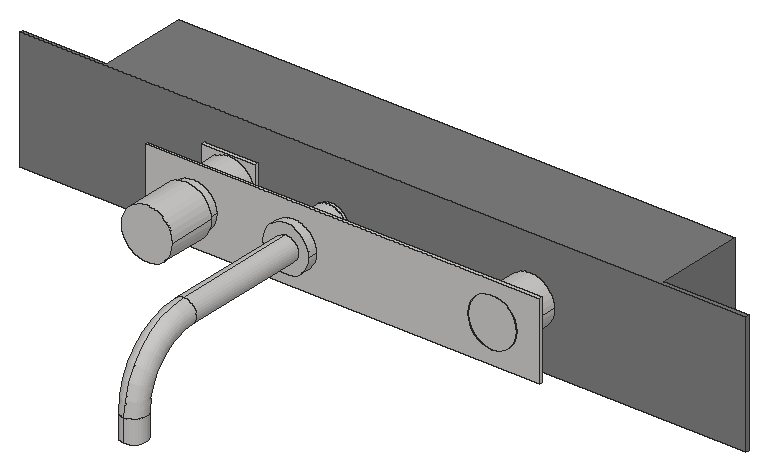
Revit family "CBR_4913", category Plumbing Fixtures, Revit 2021
Family settings
  Round Connector Dimension = Use Diameter
  Part Type = Normal
  Work Plane-Based = No
  Always vertical = Yes
  Cut with Voids When Loaded = No
  Shared = No
  Room Calculation Point = No
Parameters
  e-mail = "info@vola.com"
  URL = "http://vola.com"
  Telephone = "+45 7023 5500"
  Quality management standard = "ISO 9001"
  Organisation no. / DUNS no. = "17531328"
  Occupational health and safety management standard = "ISO 18001"
  Mounting Instructions = ""
  Model = "4913"
  Mixer Offset [instance] = 35.00 mm
  Mixer = yes
  Materials and components information = ""
  Manufacturer = "VOLA A/S"
  Maintenance Instructions = ""
  Guarantee = "2 years"
  Flow = "5,00 l/min"
  Environmental management standard = "ISO 14000"
  Default Elevation = 0.00 mm
  Connection - All relevant connections = "To valve box 3/8\" and to mixer ½\""
  Approvals = ""
Reference planes
  plane 1 "Center (Front/Back)": y = 0
  plane 2: z = 0
  plane 3 "Center (Left/Right)": x = 0
  plane 4 "Mixer plane": y = 35
  plane 5 "Wall Surface": y = 0
Forms (mm)
  Extrusion 1, solid, material "Stainless Steel"
    sketch origin (-100.868, 32.5, 21) x (-1, 0, 0) y (0, 0, -1)
      loop
        circle (-22.868, 21) r 19.5
    from 0 to 32.5
  Extrusion 2, solid, material "Stainless Steel"
    sketch origin (-13.2, 32.5, 0) x (0, 0, -1) y (1, 0, 0)
      loop
        circle (0, 13.2) r 13.2
    from 0 to 32.5
Dimensions and locks
  "Mixer Offset": plane 4 "Mixer plane" to plane 1 "Center (Front/Back)"
  aligned and locked: plane 2 to level
  aligned and locked: level to nested 1
  aligned and locked: nested 1 to plane 4 "Mixer plane"
  aligned and locked: plane 1 "Center (Front/Back)" to Extrusion 1
  aligned and locked: plane 1 "Center (Front/Back)" to Extrusion 2
Automatic sketch dimensions
  Extrusion 1 sketch curve to nested 1 = 21.00 mm  (x2)
  radius of Extrusion 1 sketch curve = 19.50 mm
  radius of Extrusion 2 sketch curve to nested 1 = 0.00 mm
Nested families
  nested 1: "4900" at (-39, 107, -65), visible <- "Mixer", type "4900"
  nested 2: "4003" at (39.001, 0, 0) x (1, 0, 0) z (0, -1, 0), type "4003"
  nested 3: "VR510" at (156, -0.5, 0), type "Standard"
  nested 4: "010" at (0, -2, 0), type "Standard"
  nested 5: "NR41" at (-78, -2, 0), type "NR41"
Connectors
  piping at (-105, 78, -65), diameter 19
    settings: on nested 1, index 1, connector inside diameter 0.74803", connector length 0.00 mm, flow factor 0, pipe flow 0 GPM, pressure drop 0.00 psi, fitting loss kfactor 0, connector angle 0.00°, fixture units 0, engagement length 0.00 mm, angle of deflection 0.00°, flow configuration 0, flow direction 1, fitting loss method 0, system type 19, joint type 0, gender type 0, connector reference index -1, connector utility 0, adjustable connector no, is connector primary yes, connector description ""
  piping at (-51, 78, -65), diameter 19
    settings: on nested 1, index 2, connector inside diameter 0.74803", connector length 0.00 mm, flow factor 0, pipe flow 0 GPM, pressure drop 0.00 psi, fitting loss kfactor 0, connector angle 0.00°, fixture units 0, engagement length 0.00 mm, angle of deflection 0.00°, flow configuration 0, flow direction 1, fitting loss method 0, system type 20, joint type 0, gender type 0, connector reference index -1, connector utility 0, adjustable connector no, is connector primary no, connector description ""
Definition of nested family "4900"
  Parameters
    e-mail = "info@vola.com"
    URL = "http://vola.com"
    Telephone = "+45 7023 5500"
    Quality management standard = "ISO 9001"
    Organisation no. / DUNS no. = "17531328"
    Occupational health and safety management standard = "ISO 18001"
    Mounting Instructions = ""
    Model = "5100"
    Materials and components information = ""
    Manufacturer = "VOLA A/S"
    Maintenance Instructions = ""
    Guarantee = "2 years"
    Flow = "43,00 l/min"
    Environmental management standard = "ISO 14000"
    Default Elevation = 0.00 mm
    Connection - All relevant connections = ""
    Approvals = "http://vola.com/service/producturl.ashx?name=5100"
  Reference planes
    plane 1 "Center (Front/Back)": y = 0
    plane 2: z = 0
    plane 3 "Center (Left/Right)": x = 0
    plane 4 "Inlet Center Plane": y = -29
    plane 5: z = 65
  Forms (mm)
    Extrusion 1, solid
      sketch origin (10, 0, -4) x (1, 0, 0) y (0, 1, 0)
        loop
          line (-148, 0) -> (-148, -70) -> (288, -70) -> (288, 0) -> (-148, 0)
      from 21.5 to 116.5
    Extrusion 2, solid
      sketch origin (10, -2, -4) x (1, 0, 0) y (0, 1, 0)
        loop
          line (-214.5, -68) -> (-214.5, -70) -> (354.5, -70) -> (354.5, -68) -> (-214.5, -68)
      from 21.5 to 116.5
    Extrusion 3, solid
      sketch origin (-54, -4, 17.5) x (0, 1, 0) y (1, 0, 0)
        loop
          circle (-25, -12) r 9.5
      from 0 to 17.5
    Extrusion 4, solid
      sketch origin (0, -4, 17.5) x (0, 1, 0) y (1, 0, 0)
        loop
          circle (-25, -12) r 9.5
      from 0 to 17.5
    Extrusion 5, solid
      sketch origin (-51.5, -72, -4) x (-1, 0, 0) y (0, 0, -1)
        loop
          line (8.5, -90) -> (8.5, -48) -> (-33.5, -48) -> (-33.5, -90) -> (8.5, -90)
      from 0 to 2.5
    Extrusion 6, solid
      sketch origin (26.5, -72, -4) x (-1, 0, 0) y (0, 0, -1)
        loop
          circle (-12.5, -69) r 13.2
      from 0 to 2.5
    Extrusion 7, solid
      sketch origin (143.5, -72, -4) x (-1, 0, 0) y (0, 0, -1)
        loop
          circle (-51.5, -69) r 16
      from 0 to 2.5
  Cuts and joins
    joined: Extrusion 1, Extrusion 2
  Lines and regions (mm)
    reference lines
      curve 1: line (195, -29, 65) -> (195, -121.5, 65)
      curve 2: line (39, -29, 65) -> (39, -121.5, 65)
      curve 3: line (-39, -29, 65) -> (-39, -121.5, 65)
      curve 4: line (-66, -29, 65) -> (-66, -29, -34)
      curve 5: line (-12, -29, 65) -> (-12, -29, -34)
  Dimensions and locks
    aligned and locked: plane 2 to level
    aligned and locked: Extrusion 1 to Extrusion 2
    aligned and locked: Extrusion 2 to Extrusion 1
Definition of nested family "4003"
  Parameters
    e-mail = "info@vola.com"
    URL = "http://vola.com"
    Telephone = "+45 7023 5500"
    Quality management standard = "ISO 9001"
    Organisation no. / DUNS no. = "17531328"
    Occupational health and safety management standard = "ISO 18001"
    Mounting Instructions = ""
    Model = "002L"
    Materials and components information = ""
    Manufacturer = "VOLA A/S"
    Maintenance Instructions = ""
    Guarantee = "2 years"
    Environmental management standard = "ISO 14000"
    Default Elevation = 1219.20 mm
    Connection - All relevant connections = ""
    Approvals = "http://vola.com/service/producturl.ashx?name=002L"
  Reference planes
    plane 1 "Center (Front/Back)": y = 0
    plane 2: z = 0
    plane 3 "Center (Left/Right)": x = 0
  Forms (mm)
    Extrusion 1, solid
      sketch origin (0, 0, 0) x (1, 0, 0) y (0, 1, 0)
        loop
          line (-154.5, 30) -> (-154.5, -30) -> (154.5, -30) -> (154.5, 30) -> (-154.5, 30)
        loop
          circle (-117, 0) r 18
        loop
          circle (-39, 0) r 16.5
        loop
          circle (117, 0) r 19
      from 0 to 2
    Extrusion 2, solid
      sketch origin (0, 0, 0) x (1, 0, 0) y (0, 1, 0)
        loop
          circle (116.999, -0.192) r 19
      from 0 to -35
  Dimensions and locks
    aligned and locked: plane 2 to level
Definition of nested family "VR510"
  Parameters
    e-mail = "info@vola.com"
    URL = "http://vola.com"
    Telephone = "+45 7023 5500"
    Quality management standard = "ISO 9001"
    Organisation no. / DUNS no. = "17531328"
    Occupational health and safety management standard = "ISO 18001"
    Mounting Instructions = ""
    Model = "RS82E"
    Materials and components information = ""
    Manufacturer = "VOLA A/S"
    Maintenance Instructions = ""
    Guarantee = "2 years"
    Environmental management standard = "ISO 14000"
    Default Elevation = 0.00 mm
    Connection - All relevant connections = ""
    Approvals = "http://vola.com/service/producturl.ashx?name=RS82E"
  Reference planes
    plane 1 "Center (Front/Back)": y = 0
    plane 2: z = 0
    plane 3 "Center (Left/Right)": x = 0
  Forms (mm)
    Extrusion 1, solid
      sketch origin (0, 0, 0) x (-1, 0, 0) y (0, 0, -1)
        loop
          circle (0, 0) r 19
      from 0 to 1.5
  Lines and regions (mm)
    model lines
      curve 1: circle (0, -1.5, 0) r 1.5 normal (0, 1, 0)
      curve 2: circle (0, -1.5, 5) r 1.5 normal (0, 1, 0)
      curve 3: circle (0, -1.5, -5) r 1.5 normal (0, 1, 0)
  Dimensions and locks
    aligned and locked: plane 2 to level
Definition of nested family "010"
  Parameters
    e-mail = "info@vola.com"
    URL = "http://vola.com"
    Telephone = "+45 7023 5500"
    Quality management standard = "ISO 9001"
    Organisation no. / DUNS no. = "17531328"
    Occupational health and safety management standard = "ISO 18001"
    Mounting Instructions = "http://vola.com/service/producturl.ashx?name=010"
    Model = "010"
    Materials and components information = "http://vola.com/service/producturl.ashx?name=010"
    Manufacturer = "VOLA A/S"
    Maintenance Instructions = "http://vola.com/service/producturl.ashx?name=010"
    Guarantee = "2 years"
    Flow = "0 l/min"
    Environmental management standard = "ISO 14000"
    Default Elevation = 0.00 mm
    Connection - All relevant connections = ""
    Approvals = "http://vola.com/service/producturl.ashx?name=010"
  Reference planes
    plane 1 "Center (Front/Back)": y = 0
    plane 2: z = 0
    plane 3 "Center (Left/Right)": x = 0
  Forms (mm)
    Extrusion 1, solid
      sketch origin (0, 0, 0) x (1, 0, 0) y (0, 0, 1)
        loop
          circle (0, 0) r 18
      from 0 to 7
    Sweep 2, solid
      path origin (0, 0, 0) x (0, 1, 0) y (0, 0, 1)
        loop
          line (-7, 0) -> (-107, 0)
          arc (-107, 0) -> (-141.648, -14.352) -> (-156, -49) r 49
      profile origin (0, -141.648, -14.352) x (0, 0.707107, -0.707107) y (1, 0, 0)
        loop
          circle (0, 0) r 9.5
    Extrusion 3, solid
      sketch origin (0, -156, -49) x (0, -1, 0) y (-1, 0, 0)
        loop
          circle (0, 0) r 9.5
      from 0 to 18
  Dimensions and locks
    aligned and locked: plane 2 to level
Definition of nested family "NR41"
  Parameters
    e-mail = "info@vola.com"
    URL = "http://vola.com"
    Telephone = "+45 7023 5500"
    Quality management standard = "ISO 9001"
    Organisation no. / DUNS no. = "17531328"
    Occupational health and safety management standard = "ISO 18001"
    Mounting Instructions = "http://vola.com/service/producturl.ashx?name=NR41"
    Model = "NR41"
    Materials and components information = "http://vola.com/service/producturl.ashx?name=NR41"
    Manufacturer = "VOLA A/S"
    Maintenance Instructions = "http://vola.com/service/producturl.ashx?name=NR41"
    Guarantee = "2 years"
    Environmental management standard = "ISO 14000"
    Default Elevation = 0.00 mm
    Connection - All relevant connections = ""
    Approvals = "http://vola.com/service/producturl.ashx?name=NR41"
  Reference planes
    plane 1 "Center (Front/Back)": y = 0
    plane 2: z = 0
    plane 3 "Center (Left/Right)": x = 0
  Forms (mm)
    Extrusion 1, solid
      sketch origin (0, -3, 0) x (1, 0, 0) y (0, 0, 1)
        loop
          circle (0, 0) r 20
      from 5 to 42.5
    Extrusion 2, solid
      sketch origin (0, 0, 0) x (1, 0, 0) y (0, 0, 1)
        loop
          circle (0, 0) r 18
      from 0 to 8
  Lines and regions (mm)
    model lines
      curve 1: line (-1.25, -45.5, 0) -> (1.25, -45.5, 0)
      curve 2: line (1.25, -45.5, 0) -> (1.25, -45.5, 18)
      curve 3: line (1.25, -45.5, 18) -> (-1.25, -45.5, 18)
      curve 4: line (-1.25, -45.5, 18) -> (-1.25, -45.5, 0)
  Dimensions and locks
    aligned and locked: plane 2 to level
    aligned and locked: Extrusion 1 to Extrusion 2
